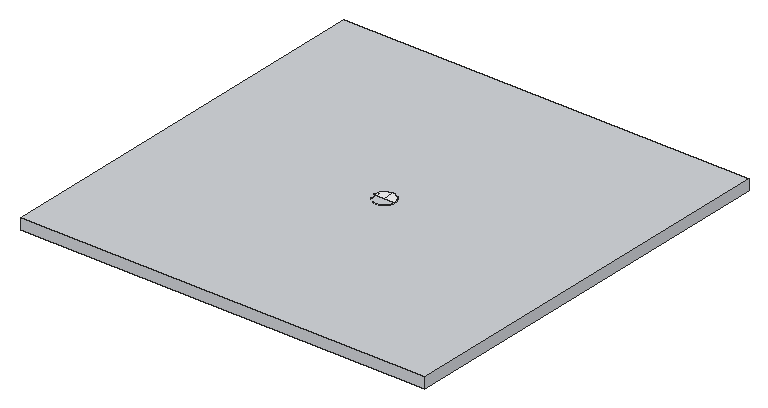
Revit family
Parameters (values of type "3"")
  WFU = 0
  URL = "WWW.MIFAB.COM"
  Strainer Radius = Strainer Diameter / 2  # 2.500"
  Strainer Diameter = 5.000"
  Strainer Adjustment [instance] = 1.500"
  Pipe Radius = Pipe Diameter / 2  # 1.500"
  Pipe Diameter = 3.000"
  Model = "F1220"
  Manufacturer = "MIFAB"
  Floor Drain Material = Paint - Sherwin Williams Paint - #952C2A - Bellwood Red
  Domestic Cold Water Radius = 0.250"
  Domestic Cold Water Diameter = Domestic Cold Water Radius * 2  # 0.500"
  Description = "FLOOR DRAIN FOR NON MEMBRANE & CORE DRILL FLOOR AREAS"
  Default Elevation = 0.000"
  CWFU = 0
  Body Height = 4.375"
  Assembly Code = ""
Types (4): name | Pipe Radius | Pipe Diameter
  (no name) | 1.500" | 3.000"
  2" | 1.000" | 2.000"
  3" | 1.500" | 3.000"
  4" | 2.000" | 4.000"
Reference planes (in)
  plane 1 "Center (Front/Back)": y = 0
  plane 2: z = 0
  plane 3 "Center (Left/Right)": x = 0
  plane 4: y = -2.5
  plane 5: y = 2.5
  plane 6: y = 4
  plane 7: y = -4
  plane 8: y = -6.5
  plane 9: y = 6.5
  plane 10: z = -1.5
  plane 11: z = -2.68738
  plane 12: x = -2.2
  plane 13: z = -5.875
  plane 14: x = -1.5
  plane 15: x = 1.5
  plane 16: z = -1.9
Forms (in)
  Extrusion 1, solid
    sketch origin (0, 0, 0) x (1, 0, 0) y (0, 1, 0)
      loop
        line (-48, 48) -> (-48, -48) -> (48, -48) -> (48, 48) -> (-48, 48)
    from 0 to -2.5
  Revolve 2, solid, material "Paint - Sherwin Williams Paint - #952C2A - Bellwood Red" <- "Floor Drain Material"
    sketch origin (0.75, 0, -0.625) x (1, 0, 0) y (0, 0, 1)
      loop
        line (-4.4739, -2.06238) -> (-2.8927, -2.06238) -> (-2.8927, -1.71858) -> (-3.81457, -1.71858) -> (-3.90837, -1.81238) -> (-4.4739, -1.81238) -> (-4.4739, -2.06238)
      axis (-2.8927, -2.06238) -> (-4.4739, -2.06238)
    angle from 0 to 360
  Revolve 3, solid, material "Paint - Sherwin Williams Paint - #952C2A - Bellwood Red" <- "Floor Drain Material"
    sketch origin (0, 0, -1.25159) x (0, 0, 1) y (0, 1, 0)
      loop
        line (1.25159, 0) -> (1.10159, 0) -> (1.10159, -2.18297) -> (-0.64841, -2.18297) -> (-0.64841, -2.33297) -> (1.10159, -2.33297) -> (1.10159, -2.5) -> (1.25159, -2.5) -> (1.25159, 0)
      axis (1.25159, 0) -> (-0.64841, 0)
    angle from 0 to 360
  Revolve 4, solid, material "Paint - Sherwin Williams Paint - #952C2A - Bellwood Red" <- "Floor Drain Material"
    sketch origin (0, 0, 0) x (1, 0, 0) y (0, 0, 1)
      loop
        line (2.25, -3.125) -> (1.5, -3.125) -> (1.5, -5.875) -> (1.65, -5.875) -> (1.65, -4.75) -> (2.5, -4.75) -> (2.5, -1.5) -> (2.25, -1.5) -> (2.25, -3.125)
      axis (0, -1.5) -> (0, -5.875)
    angle from 0 to 360
Cuts and joins
  joined: Revolve 2, Revolve 3, Revolve 4
Lines and regions (in)
  symbolic lines
    curve 1: circle (0, 0, 0) r 2.5 normal (0, 0, 1)
Dimensions and locks (in)
  equal spacing: plane 5, plane 1 "Center (Front/Back)", plane 4
  "Strainer Diameter": plane 5 to plane 4
  equal spacing: plane 6, plane 1 "Center (Front/Back)", plane 7
  equal spacing: plane 9, plane 1 "Center (Front/Back)", plane 8
  locked: Revolve 2 sketch curve to plane 3 "Center (Left/Right)" at 2.1427
  plane 4 to Revolve 3 sketch curve to Revolve 3 sketch curve = 0.16703", 0.150"
  "Body Height": plane 10 to plane 13
  "Strainer Adjustment": Extrusion 1 to plane 10
  Revolve 3 sketch curve to plane 10 = 0.400"
  equal spacing: plane 15, plane 3 "Center (Left/Right)", plane 14
  "Pipe Diameter": plane 15 to plane 14
  plane 10 to Revolve 4 sketch curve = 1.625"
  Revolve 4 sketch curve to plane 13 = 1.125"
  plane 10 to plane 11 = 1.18738"
  Revolve 4 sketch curve to plane 3 "Center (Left/Right)" = 2.250"
  plane 3 "Center (Left/Right)" to Revolve 4 sketch curve = 2.500"
  locked: plane 10 to plane 16 at 0.4
  aligned and locked: plane 2 to Extrusion 1
  aligned and locked: level to Extrusion 1
  aligned and locked: Revolve 3 sketch curve to Extrusion 1
  aligned and locked: Revolve 3 sketch curve to plane 1 "Center (Front/Back)"
  aligned and locked: Revolve 3 sketch curve to plane 4
  aligned and locked: plane 3 "Center (Left/Right)" to Revolve 3
  aligned and locked: plane 11 to Revolve 2 sketch curve
  aligned and locked: Revolve 4 sketch curve to plane 15
  aligned and locked: plane 16 to Revolve 3
Automatic sketch dimensions
  Extrusion 1 sketch curve to Extrusion 1 sketch curve = 96.000"  (x2)
  Revolve 2 sketch curve to Revolve 2 sketch curve = 0.56553"
  Revolve 2 sketch curve to Revolve 2 sketch curve = 0.09379"
  Revolve 2 sketch curve to Revolve 2 sketch curve = 0.22507"
  Revolve 2 sketch curve to Revolve 2 sketch curve = 0.7906"
  Revolve 2 sketch curve to Revolve 2 sketch curve = 0.000"  (x2)
  Revolve 2 sketch curve to Revolve 2 sketch curve = 0.250"
  Revolve 2 sketch curve to Revolve 2 sketch curve = 0.34379"
  Revolve 3 sketch curve to plane 1 "Center (Front/Back)" = 0.000"
  Revolve 3 sketch curve to plane 13 = 0.875"
  Revolve 3 sketch curve to level = 0.150"
  Revolve 3 sketch curve to Revolve 3 sketch curve = 0.150"
  Revolve 3 sketch curve to Revolve 3 sketch curve = 4.750"
  Revolve 4 sketch curve to plane 3 "Center (Left/Right)" = 0.000"
  Revolve 4 sketch curve to plane 13 = 0.000"
  Revolve 4 sketch curve to plane 10 = 0.000"
  Revolve 4 sketch curve to Revolve 4 sketch curve = 0.150"
  Revolve 4 sketch curve to plane 13 = 18.125"
  level to Revolve 4 sketch curve = 102.71882"
  plane 1 "Center (Front/Back)" to curve 1 = 0.000"
  curve 1 to plane 3 "Center (Left/Right)" = 0.000"
  radius of curve 1 = 2.500"
Connectors (in)
  piping at (-3.7239, 0, -2.68738), driven by "CWFU", driven by "Domestic Cold Water Radius"
    settings: on Revolve 2, index 1, connector radius 1/4", flow factor 0, pipe flow 0 GPM, pressure drop 0.00 psi, fitting loss kfactor 0, connector angle 0.00°, fixture units 0, flow configuration 3, flow direction 1, fitting loss method 0, system type 20, connector reference index -1, connector utility 0, adjustable connector no, is connector primary yes, fitting loss table "", connector description "Domestic Cold Water In"
  piping at (0, 0, -5.875), driven by "Pipe Radius", driven by "WFU"
    settings: on cut or joined group of Revolve 2, Revolve 3, Revolve 4, index 2, connector radius 1 1/2", flow factor 0, pipe flow 0 GPM, pressure drop 0.00 psi, fitting loss kfactor 0, connector angle 0.00°, fixture units 0, flow configuration 3, flow direction 2, fitting loss method 0, system type 16, connector reference index -1, connector utility 0, adjustable connector no, is connector primary no, fitting loss table "", connector description "Sanitary Out"
